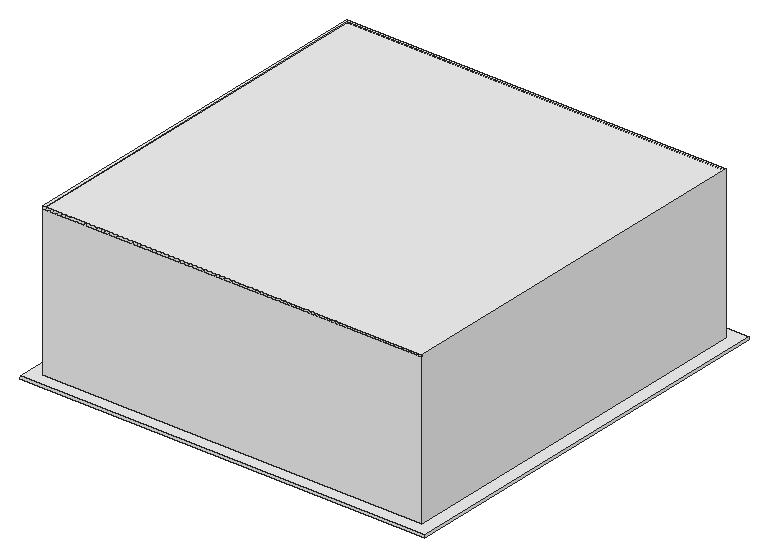
Revit family "Iluminação embutida - Quadrada", category Luminárias, Revit 2019
Family settings
  Hospedeiro = Forro
  Cota do conector redondo = Utilizar diâmetro
  Tipo de parte = Normal
  Número OmniClass = 23.80.70.11
  Título OmniClass = Luminaries for Internal Lighting
  Sempre na vertical = Sim
  Corte com vazios quando carregada = Sim
  Fonte luminosa = Sim
  Compartilhado = Não
  Ponto de cálculo do ambiente = Não
Parameters (values of type "300x300mm-72W")
  Largura = 300.00 mm
  Wattage = 72 W
  built-in parameter 1150110 = 1 (stored number, unit not read)
  built-in parameter 1114217 = 1 (stored number, unit not read)
  built-in parameter 1150109 = 1 (stored number, unit not read)
  built-in parameter 1150134 = (empty or 0)
  built-in parameter 1150113 = 1 (stored number, unit not read)
  Material de sombra = Vidro
  Lumens = 5760 lm
  built-in parameter 1150115 = 1 (stored number, unit not read)
  built-in parameter 1150105 = 1833.5 (stored number, unit not read)
  Light Source Symbol Size = Largura - 50.00 mm  # 250.00 mm
  built-in parameter 1150137 = (empty or 0)
  built-in parameter 1150139 = (empty or 0)
  Comprimento = 300.00 mm
  built-in parameter 1150112 = 1 (stored number, unit not read)
  built-in parameter 1150114 = 1 (stored number, unit not read)
  built-in parameter 1150132 = (empty or 0)
  built-in parameter 1150102 = (empty or 0)
  built-in parameter 1150138 = (empty or 0)
  built-in parameter 1150107 = 3000 (stored number, unit not read)
  built-in parameter 1150106 = 18.335 (stored number, unit not read)
  Altura = 120.00 mm
  Largura da estrutura = 10.00 mm
  Visibilidade da moldura = yes
  Espessura da moldura = 2.00 mm
  Material da luminária = Metal - Alum
  Emit from Rectangle Width = Largura - 50.00 mm  # 250.00 mm
  Emit from Rectangle Length = Comprimento - 50.00 mm  # 250.00 mm
  Emit Shape Visible in Rendering = no
  built-in parameter 1150104 = 7.4322 (stored number, unit not read)
  Dimming Lamp Color Temperature Shift = (empty or 0)
  Color Filter = 16777215
  built-in parameter 1114218 = 1 (stored number, unit not read)
  built-in parameter 1150133 = 10 (stored number, unit not read)
Reference planes
  plane 1 "Eixo de origem da luz (F/T)": y = 0
  plane 2 "Forro": z = 2438.4
  plane 3 "Eixo de origem da luz (E/D)": x = 0
  plane 4 "Elevação da origem da luz": z = 2541.4
  plane 5: y = 150
  plane 6: y = -150
  plane 7: x = -150
  plane 8: x = 150
  plane 9: x = -148
  plane 10: x = 148
  plane 11: y = 148
  plane 12: y = -148
  plane 13: z = 2558.4
  plane 14: z = 2436.4
  plane 15: z = 2441.4
  plane 16: z = 2556.4
  plane 17: x = -160
  plane 18: y = 160
  plane 19: x = 160
  plane 20: y = -160
  plane 21: z = 2526.4
  plane 22: z = 2524.4
  plane 23: z = 2453.4
Forms (mm)
  Extrusion 1, solid, material "Metal - Alum" <- "Material da luminária"
    sketch origin (0, 0, 2541.4) x (0, -1, 0) y (1, 0, 0)
      loop
        line (-150, -150) -> (150, -150) -> (150, 150) -> (-150, 150) -> (-150, -150)
    from 17 to 15
  Sweep 2, solid, material "Metal - Alum" <- "Material da luminária", visible <- "Visibilidade da moldura"
    path origin (0, 0, 2541.4) x (0, -1, 0) y (1, 0, 0)
      loop
        line (-150, -150) -> (150, -150) -> (150, 150) -> (-150, 150) -> (-150, -150)
    profile origin (0, 150, 2541.4) x (0, 1, 0) y (0, 0, 1)
      loop
        line (0, 17) -> (-2, 17) -> (-2, -105) -> (10, -105) -> (10, -103) -> (0, -103) -> (0, 17)
  Extrusion 3, solid, material "Vidro" <- "Material de sombra"
    sketch origin (0, 40, 2541.4) x (0, -1, 0) y (1, 0, 0)
      loop
        line (-108, -148) -> (188, -148) -> (188, 148) -> (-108, 148) -> (-108, -148)
    from -15 to -17
Lines and regions (mm)
  Opening 1
    outline origin (0, 0, 2438.4) x (1, 0, 0) y (0, 1, 0)
      loop
        line (-150, 150) -> (-150, -150) -> (150, -150) -> (150, 150) -> (-150, 150)
Dimensions and locks
  equal spacing: host sketch curve, plane 3 "Eixo de origem da luz (E/D)", host sketch curve
  equal spacing: host sketch curve, plane 1 "Eixo de origem da luz (F/T)", host sketch curve
  host sketch curve to host sketch curve = 3048.00 mm  (x2)
  "Largura": plane 5 to plane 6
  equal spacing: plane 5, plane 1 "Eixo de origem da luz (F/T)", plane 6
  "Comprimento": plane 7 to plane 8
  equal spacing: plane 7, plane 3 "Eixo de origem da luz (E/D)", plane 8
  "Altura": plane 13 to plane 2 "Forro"
  locked: plane 15 to plane 2 "Forro" at 3
  "Largura da estrutura": plane 17 to plane 7
  "Largura da estrutura": plane 18 to plane 5
  "Largura da estrutura": plane 6 to plane 20
  "Largura da estrutura": plane 8 to plane 19
  locked: plane 5 to plane 11 at 2
  locked: plane 7 to plane 9 at 2
  locked: plane 10 to plane 8 at 2
  locked: plane 12 to plane 6 at 2
  "Espessura da moldura": plane 2 "Forro" to plane 14
  locked: plane 13 to plane 16 at 2
  locked: plane 16 to plane 21 at 30
  locked: plane 21 to plane 22 at 2
  equal spacing: plane 16, plane 4 "Elevação da origem da luz", plane 21
  locked: plane 23 to plane 2 "Forro" at 15
  aligned and locked: plane 1 "Eixo de origem da luz (F/T)" to imposter light
  aligned and locked: Extrusion 1 sketch curve to plane 5
  aligned and locked: plane 6 to Extrusion 1 sketch curve
  aligned and locked: plane 16 to Extrusion 1
  aligned and locked: Extrusion 1 to plane 13
  aligned and locked: Opening 1 sketch curve to Extrusion 1  (x4)
  aligned and locked: plane 5 to Sweep 2 sketch curve  (x2)
  aligned and locked: plane 8 to Sweep 2 sketch curve
  aligned and locked: plane 6 to Sweep 2 sketch curve
  aligned and locked: plane 7 to Sweep 2 sketch curve
  aligned and locked: plane 13 to Sweep 2 sketch curve
  aligned and locked: plane 11 to Sweep 2 sketch curve
  aligned and locked: plane 14 to Sweep 2 sketch curve
  aligned and locked: plane 2 "Forro" to Sweep 2 sketch curve
  aligned and locked: plane 18 to Sweep 2 sketch curve
  aligned and locked: Extrusion 3 to plane 22
  aligned and locked: plane 21 to Extrusion 3
  aligned and locked: Extrusion 3 to plane 12
  aligned and locked: plane 11 to Extrusion 3
  aligned and locked: Extrusion 3 to plane 9
  aligned and locked: plane 10 to Extrusion 3
  aligned and locked: plane 12 to Extrusion 3  (x2)
  aligned and locked: Extrusion 3 to plane 10  (x2)
  aligned and locked: plane 9 to Extrusion 3  (x3)
  aligned and locked: Extrusion 3 to plane 11  (x2)
  aligned and locked: plane 23 to imposter light
  aligned and locked: plane 3 "Eixo de origem da luz (E/D)" to imposter light
Automatic sketch dimensions
  Extrusion 1 sketch curve to plane 7 = 0.00 mm
  Extrusion 1 sketch curve to plane 8 = 0.00 mm
  Extrusion 3 sketch curve to plane 8 = 2.00 mm
  plane 7 to Extrusion 3 sketch curve = 2.00 mm
  Extrusion 3 sketch curve to plane 18 = 12.00 mm
  plane 12 to Extrusion 3 sketch curve = 0.00 mm
